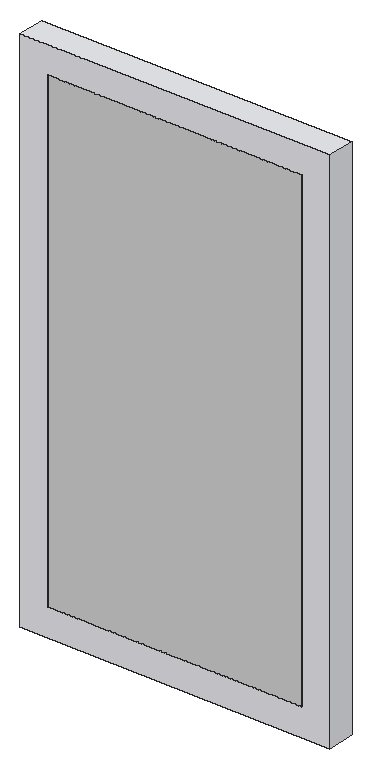
Revit family "НЕВАТОМ_Фильтр панельный FVP, Версия 2", category Арматура воздуховодов, Revit 2017
Family settings
  Размер круглого соединителя = Использовать диаметр
  Тип детали = Вставляется
  На основе рабочей плоскости = Нет
  Всегда вертикально = Нет
  При загрузке вырезать с полостями = Нет
  Общий = Нет
Parameters (values of type "287х490х25")
  ADSK_Материал = Оцинкованная сталь
  t = 25 mm  # constant formula
  Nevatom_Частотный преобразователь = ""
  Nevatom_Регулятор расхода = ""
  Nevatom_URL = "https://t.me/NEVATOM_Bim_bot"
  Nevatom_ Для задания электроснабжения = ""
  L = 25 mm
  B [instance] = 485 mm
  ADSK_Размер_Ширина [instance] = 17 mm  # constant formula
  ADSK_Размер_Длина [instance] = A  # 282 mm
  ADSK_Размер_Высота [instance] = B  # 485 mm
  ADSK_Расход воздуха = 1000.0 m³/h
  ADSK_Примечание = ""
  ADSK_Позиция = ""
  ADSK_Наименование [instance] = "Фильтр воздушный"  # constant formula
  ADSK_Материал наименование = "Оцинкованная сталь"  # constant formula
  ADSK_Масса = 0
  ADSK_Марка [instance] = "FVР–G4–287х490х25"
  ADSK_Количество = 1  # constant formula
  ADSK_Код изделия = ""
  ADSK_Завод-изготовитель = "НЕВАТОМ"  # constant formula
  ADSK_Единица измерения = "шт"  # constant formula
  A [instance] = 282 mm
Types (8, lengths in mm): name | B | ADSK_Размер_Длина | ADSK_Размер_Высота | ADSK_Расход воздуха | ADSK_Марка | A
  500х500х25 | 495 | 495 | 495 | 1700.0 m³/h | "FVР–G4–500х500х25" | 495
  592х592х25 | 587 | 587 | 587 | 2400.0 m³/h | "FVР–G4–592х592х25" | 587
  592х287х25 | 282 | 587 | 282 | 1200.0 m³/h | "FVР–G4–592х287х25" | 587
  592х490х25 | 485 | 587 | 485 | 2000.0 m³/h | "FVР–G4–592х490х25" | 587
  287х490х25 | 485 | 282 | 485 | 1000.0 m³/h | "FVР–G4–287х490х25" | 282
  610х610х25 | 605 | 605 | 605 | 2600.0 m³/h | "FVР–G4–610х610х25" | 605
  305х305х25 | 300 | 300 | 300 | 650.0 m³/h | "FVР–G4–305х305х25" | 300
  892х287х25 | 282 | 887 | 282 | 1800.0 m³/h | "FVР–G4–892х287х25" | 887
Reference planes
  plane 1 "По центру (Вперед/Назад)": y = 0
  plane 2: z = 0
  plane 3 "По центру (Влево/Вправо)": x = 0
  plane 4: y = 12.5
  plane 5: y = -12.5
  plane 6: x = 141
  plane 7: x = -141
  plane 8: z = 242.5
  plane 9: z = -242.5
Forms (mm)
  Extrusion 1, solid, material "Оцинкованная сталь"
    sketch origin (0, 0, 0) x (1, 0, 0) y (0, 0, 1)
      loop
        line (-141, 242.5) -> (-141, -242.5) -> (141, -242.5) -> (141, 242.5) -> (-141, 242.5)
      loop
        line (-116, 217.5) -> (-116, -217.5) -> (116, -217.5) -> (116, 217.5) -> (-116, 217.5)
    from -12.5 to 12.5
  Extrusion 2, solid, material "Фильтрующий материал"
    sketch origin (0, 0, 0) x (1, 0, 0) y (0, 0, 1)
      loop
        line (-116, 217.5) -> (-116, -217.5) -> (116, -217.5) -> (116, 217.5) -> (-116, 217.5)
    from -12.5 to 12.5
Dimensions and locks
  equal spacing: plane 7, plane 3 "По центру (Влево/Вправо)", plane 6
  equal spacing: plane 4, plane 1 "По центру (Вперед/Назад)", plane 5
  "L": plane 4 to plane 5
  "A": plane 7 to plane 6
  equal spacing: plane 8, level, plane 9
  "B": plane 8 to plane 9
  "t": plane 8 to Extrusion 1 sketch curve
  "t": Extrusion 1 sketch curve to plane 9
  "t": plane 6 to Extrusion 1 sketch curve
  "t": Extrusion 1 sketch curve to plane 7
  aligned and locked: level to plane 2
  aligned and locked: Extrusion 1 sketch curve to plane 8
  aligned and locked: plane 7 to Extrusion 1 sketch curve
  aligned and locked: plane 9 to Extrusion 1 sketch curve
  aligned and locked: Extrusion 1 sketch curve to plane 6
  aligned and locked: Extrusion 2 sketch curve to Extrusion 1  (x4)
  aligned and locked: plane 4 to Extrusion 1
  aligned and locked: plane 4 to Extrusion 2
  aligned and locked: Extrusion 2 to plane 5
  aligned and locked: Extrusion 1 to plane 5
  aligned and locked: nested 1 to Extrusion 1  (x2)
  aligned and locked: Extrusion 1 to nested 1
Nested families
  nested 1: "НЕВАТОМ_QR-AxB" at (-128.5, 0, 242.5), type "Nevatom_Logo_25x25", not visible
Connectors
  hvac at (0, -12.5, 0), driven by "B", driven by "A"
    settings: on Extrusion 1, index 1, duct flow 0.0 m³/h, flow factor 0, pres drop 0.0 Pa, loss coef 0, conn angle 0.00°, conn width 282 mm, conn height 485 mm, conn diameter 609.6 mm, duct sys type 28, conn prof type 1, flow config 0, flow direction 0, loss method 0, conn ref index 2, conn util no, is conn primary yes, conn desc ""
  hvac at (0, 12.5, 0), driven by "B", driven by "A"
    settings: on Extrusion 1, index 2, duct flow 0.0 m³/h, flow factor 0, pres drop 0.0 Pa, loss coef 0, conn angle 0.00°, conn width 282 mm, conn height 485 mm, conn diameter 609.6 mm, duct sys type 28, conn prof type 1, flow config 0, flow direction 0, loss method 0, conn ref index 1, conn util no, is conn primary no, conn desc ""
Definition of nested family "НЕВАТОМ_QR-AxB"
  Parameters (values of type "Nevatom_Logo_25x25")
    Logo_Image = none
    L = 2 mm
    B = A  # 25 mm
    A = 25 mm
  Types (5, lengths in mm): name | B | A
    (no name) | 25 | 25
    Nevatom_Logo_200x200 | 200 | 200
    Nevatom_Logo_100x100 | 100 | 100
    Nevatom_Logo_50x50 | 50 | 50
    Nevatom_Logo_25x25 | 25 | 25
  Reference planes
    plane 1 "По центру (Вперед/Назад)": y = 0
    plane 2: z = 0
    plane 3 "По центру (Влево/Вправо)": x = 0
    plane 4: x = -12.5
    plane 5: x = 12.5
    plane 6: y = 12.5
    plane 7: y = -12.5
  Forms (mm)
    Extrusion 1, solid, material <- "Logo_Image"
      sketch origin (0, 0, 0) x (1, 0, 0) y (0, 1, 0)
        loop
          line (-12.5, 12.5) -> (-12.5, -12.5) -> (12.5, -12.5) -> (12.5, 12.5) -> (-12.5, 12.5)
      from 0 to 2 <- "L"
  Lines and regions (mm)
    reference lines
      curve 1: line (-12.5, 12.5, 0) -> (12.5, 12.5, 0)
      curve 2: line (12.5, 12.5, 0) -> (12.5, -12.5, 0)
      curve 3: line (12.5, -12.5, 0) -> (-12.5, -12.5, 0)
      curve 4: line (-12.5, -12.5, 0) -> (-12.5, 12.5, 0)
  Dimensions and locks
    equal spacing: plane 4, plane 3 "По центру (Влево/Вправо)", plane 5
    "A": plane 4 to plane 5
    equal spacing: plane 6, plane 1 "По центру (Вперед/Назад)", plane 7
    "B": plane 6 to plane 7
    aligned and locked: level to plane 2
    aligned and locked: plane 6 to curve 1
    aligned and locked: plane 4 to curve 4
    aligned and locked: plane 5 to curve 2
    aligned and locked: plane 7 to curve 3
    aligned and locked: Extrusion 1 sketch curve to curve 1
    aligned and locked: Extrusion 1 sketch curve to curve 4
    aligned and locked: Extrusion 1 sketch curve to curve 3
    aligned and locked: Extrusion 1 sketch curve to curve 2
